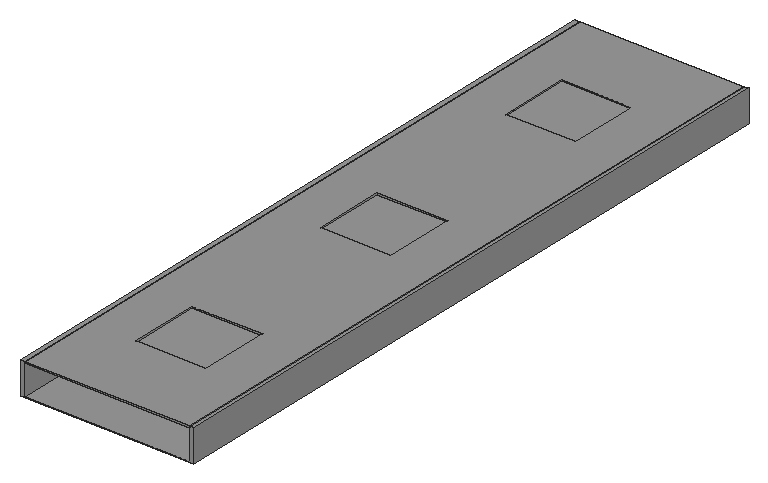
Revit family "OKA-W, Kanaleinheit für GES9, Höhe 100-150mm", category Generic Models, Revit 2015
Parameters (values of type "OKA-W60010050D9")
  Width = 600 mm
  URL = "http://www.obo-bettermann.com"
  Material = Steel, Galvanized
  Manufacturer Art. No. = "7424744"
  Manufacturer = "OBO Bettermann"
  Length [instance] = 2400 mm
  HeightCalc [instance] = if(Height < 100 mm, 100 mm, (if(Height > 150 mm, 150 mm, Height)))  # 110 mm
  Height [instance] = 110 mm
  GTIN = "4012195244950"
  Cut's number = 3
  Article Type = "OKA-W60010050D9"
Types (4, lengths in mm): name | Width | Manufacturer Art. No. | GTIN | Article Type
  (no name) | 600 | "7424744" | "4012195244950" | "OKA-W60010050D9"
  OKA-W40010050D9 | 400 | "7424740" | "4012195244912" | "OKA-W40010050D9"
  OKA-W50010050D9 | 500 | "7424742" | "4012195244929" | "OKA-W50010050D9"
  OKA-W60010050D9 | 600 | "7424744" | "4012195244950" | "OKA-W60010050D9"
Reference planes
  plane 1 "Center (Front/Back)": y = 0
  plane 2: z = 0
  plane 3 "Center (Left/Right)": x = 0
  plane 4: z = 110
  plane 5: y = -2400
  plane 6: x = 300
  plane 7: x = -300
Forms (mm)
  Extrusion 1, solid, material "Aluminum 6061"
    sketch origin (0, 0, 0) x (1, 0, 0) y (0, 0, 1)
      loop
        line (285, 110) -> (285, 1) -> (-285, 1) -> (-285, 110) -> (-300, 110) -> (-300, 0) -> (300, 0) -> (300, 110) -> (285, 110)
    from 0 to 2400
  Extrusion 2, solid, material "Steel, Galvanized" <- "Material"
    sketch origin (0, 0, 0) x (1, 0, 0) y (0, 0, 1)
      loop
        line (285, 106) -> (285, 110) -> (-285, 110) -> (-285, 106) -> (285, 106)
    from 0 to 2400
  Extrusion 3, void
    sketch origin (0, 0, 0) x (1, 0, 0) y (0, 1, 0)
      loop
        line (-122, -1879.75) -> (-122, -2123.75) -> (122, -2123.75) -> (122, -1879.75) -> (-122, -1879.75)
    from 106 to 110
  Extrusion 4, void
    sketch origin (0, 800, 0) x (1, 0, 0) y (0, 1, 0)
      loop
        line (-122, -1879.75) -> (-122, -2123.75) -> (122, -2123.75) -> (122, -1879.75) -> (-122, -1879.75)
    from 106 to 110
  Extrusion 5, void
    sketch origin (0, 1600, 0) x (1, 0, 0) y (0, 1, 0)
      loop
        line (-122, -1879.75) -> (-122, -2123.75) -> (122, -2123.75) -> (122, -1879.75) -> (-122, -1879.75)
    from 106 to 110
Cuts and joins
  Extrusion 3 cuts Extrusion 1
  Extrusion 3, Extrusion 4, Extrusion 5 cuts Extrusion 2
Lines and regions (mm)
  model lines
    curve 1: line (-300, 0, 110) -> (-285, 0, 110)
    curve 2: line (-285, 0, 110) -> (-285, 0, 0)
    curve 3: line (-285, 0, 0) -> (-535, 0, 0)
    curve 4: line (-535, 0, 0) -> (-535, 0, 1)
    curve 5: line (-535, 0, 1) -> (-300, 0, 1)
    curve 6: line (-300, 0, 1) -> (-300, 0, 110)
    curve 7: line (285, 0, 110) -> (285, 0, 0)
    curve 8: line (285, 0, 0) -> (535, 0, 0)
    curve 9: line (535, 0, 0) -> (535, 0, 1)
    curve 10: line (535, 0, 1) -> (300, 0, 1)
    curve 11: line (300, 0, 1) -> (300, 0, 110)
    curve 12: line (300, 0, 110) -> (285, 0, 110)
    curve 13: line (285, 0, 110) -> (285, 0, 0)
    curve 14: line (-285, 0, 0) -> (-285, 0, 110)
    curve 15: line (-285, 0, 110) -> (285, 0, 110)
    curve 16: line (-285, 0, 106) -> (285, 0, 106)
Dimensions and locks
  locked: curve 5 to curve 3 at 1
  locked: curve 2 to curve 6 at 15
  locked: curve 10 to curve 8 at 1
  locked: curve 2 to curve 4 at 250
  locked: curve 9 to curve 7 at 250
  locked: curve 11 to curve 7 at 15
  "Length": plane 1 "Center (Front/Back)" to plane 5
  equal spacing: plane 7, plane 3 "Center (Left/Right)", plane 6
  "Width": plane 7 to plane 6
  "HeightCalc": level to plane 4
  locked: curve 16 to curve 15 at 4
  locked: Extrusion 3 sketch curve to Extrusion 3 sketch curve at 244  (x2)
  locked: Extrusion 4 sketch curve to Extrusion 4 sketch curve at 244  (x2)
  equal spacing: group 1, group 2, group 3  (x3)
  locked: Extrusion 5 sketch curve to Extrusion 5 sketch curve at 244  (x2)
  aligned and locked: level to plane 2
  aligned and locked: level to curve 3
  aligned and locked: curve 6 to plane 7
  aligned and locked: curve 11 to plane 6
  aligned and locked: plane 4 to curve 1
  aligned and locked: curve 8 to level
  aligned and locked: Extrusion 1 sketch curve to curve 13
  aligned and locked: Extrusion 1 sketch curve to curve 12
  aligned and locked: Extrusion 1 sketch curve to curve 11
  aligned and locked: Extrusion 1 sketch curve to curve 6
  aligned and locked: curve 14 to Extrusion 1 sketch curve
  aligned and locked: Extrusion 1 sketch curve to curve 1
  aligned and locked: Extrusion 1 to plane 5
  aligned and locked: Extrusion 2 sketch curve to curve 16
  aligned and locked: Extrusion 2 sketch curve to curve 15
  aligned and locked: Extrusion 2 sketch curve to curve 2
  aligned and locked: Extrusion 2 sketch curve to curve 7
  aligned and locked: Extrusion 2 to plane 5
  aligned and locked: curve 5 to Extrusion 1 sketch curve
  aligned and locked: Extrusion 3 to Extrusion 1
  aligned and locked: cut or joined group of Extrusion 2, Extrusion 3, Extrusion 4, Extrusion 5 to Extrusion 3
Automatic sketch dimensions
  Extrusion 1 sketch curve to level = 0 mm
